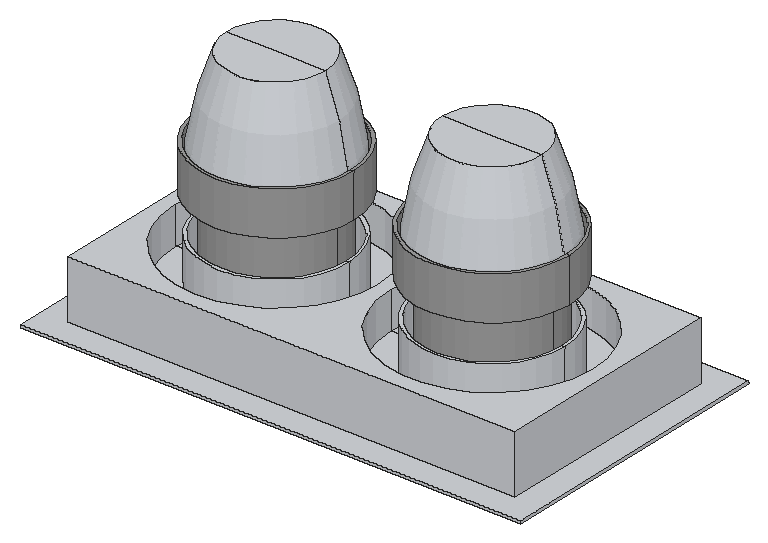
Revit family "Square Double Trim", category Lighting Fixtures, host Ceiling, Revit 2015
Parameters (values of type "Square Double Trim/Wide/2x8.4W/2x700mA/827/Insert White Trim White")
  Weight = 730  # constant formula
  built-in parameter 1150103 = 16.4 W
  Wattage = "2 x 8.4W"  # constant formula
  WarrantyStartDate [instance] = "www.johncullenlighting.co.uk/terms_and_conditions/"  # constant formula
  WarrantyGuarantorParts = "www.johncullenlighting.co.uk/terms_and_conditions/"  # constant formula
  WarrantyGuarantorLabor = "www.johncullenlighting.co.uk/terms_and_conditions/"  # constant formula
  WarrantyDurationUnit = "www.johncullenlighting.co.uk/terms_and_conditions/"  # constant formula
  WarrantyDurationParts = "www.johncullenlighting.co.uk/terms_and_conditions/"  # constant formula
  WarrantyDurationLabor = "www.johncullenlighting.co.uk/terms_and_conditions/"  # constant formula
  WarrantyDescription = "Refer to John Cullen Lighting Ltd - Terms and Conditions document"  # constant formula
  built-in parameter 1150110 = 1 (stored number, unit not read)
  Version = "1"
  Uniclass2 = "Pr_70_70_48_71 Recessed luminaires"  # constant formula
  URL = "http://www.johncullenlighting.co.uk/products/downlights/square-double-led-downlight/?product_search=square%20double"
  Type Comments = "Copyright © John Cullen 2017. John Cullen reserve the right to change the design and specification of our product range without prior notice. E&OE"  # constant formula
  built-in parameter 1114217 = 1 (stored number, unit not read)
  Tilt Angle = 90.00°
  built-in parameter 1150109 = 1 (stored number, unit not read)
  built-in parameter 1150134 = (empty or 0)
  TagNumber [instance] = "n/a"
  SustainabilityPerformance = "n/a"
  built-in parameter 1150113 = 1 (stored number, unit not read)
  SupplyCircuitConductorConnections = "n/a"
  Size = "155x80"  # constant formula
  Shape = "Round"
  SerialNumber [instance] = "n/a"
  Revision = "n/a"
  ReplacementCost = "n/a"
  ProductInformation = "http://www.johncullenlighting.co.uk/products/downlights/square-double-led-downlight/?product_search=square%20double"
  ProductClass = "Class III"  # constant formula
  PhotometricPerformance = "n/a"
  Photometric Web File = "Square Double Trim-Wide-927-700.IES"
  NominalWidth = 85 mm  # constant formula
  NominalLength = 155 mm  # constant formula
  NominalHeight = 80 mm  # constant formula
  Name = "Square Double Trim"  # constant formula
  NBSTypeID = "n/a"
  NBSReference = "n/a"
  NBSOfficeMasterTag = "n/a"
  NBSNote = "n/a"
  NBSDescription = "General purpose luminaires are described by characteristics such as standards, photometric performance and supply circuit conductor connections.\r\nAn example use may be within a hard wired general lighting system."  # constant formula
  NBSCertification = "n/a"
  ModelReference = "n/a"
  ModelNumber = "DLDBMI012+DLDBTR012"
  Model = "Square Double Trim"  # constant formula
  MaxAmbientTemperature = 35.00°
  Material = "Aluminium"
  ManufacturerURL = "www.johncullenlighting.co.uk"
  ManufacturerName = "John Cullen Lighting Ltd"  # constant formula
  Manufacturer = "John Cullen Lighting Ltd"  # constant formula
  built-in parameter 1150105 = 3040 (stored number, unit not read)
  Lumens = 1092.24 lm
  LuminaireType = "n/a"
  LuminairePowerFactor = "n/a"
  LuminaireLumens = "951 lm"
  built-in parameter 1150115 = 1 (stored number, unit not read)
  built-in parameter 1150137 = (empty or 0)
  built-in parameter 1150139 = (empty or 0)
  LampType = "LED"  # constant formula
  LampRating = "n/a"
  LampLumens = "2 x 582 lm"
  LampColourTemperature = "2700K"  # constant formula
  LampColourRendering = "93 Ra"  # constant formula
  built-in parameter 1150112 = 1 (stored number, unit not read)
  built-in parameter 1150114 = 1 (stored number, unit not read)
  Lamp = "LED"  # constant formula
  Keynote = "Technical data figures are for guidance only and are subject to ±5% tolerance"  # constant formula
  InternalFuse = "n/a"
  InsulationStandardClass = "Class III"  # constant formula
  InstallationDate [instance] = "Confirm via installer"  # constant formula
  built-in parameter 1150132 = (empty or 0)
  built-in parameter 1150102 = (empty or 0)
  built-in parameter 1150107 = 2700 (stored number, unit not read)
  built-in parameter 1150138 = (empty or 0)
  IngressProtection = "IP20"  # constant formula
  built-in parameter 1150106 = 30.4 (stored number, unit not read)
  IfcExportType = "n/a"
  IfcExportAs = "n/a"
  Grade = "n/a"
  ForwardVoltage = "12V DC"  # constant formula
  Finish = "Square Magnetic Insert White and Square Double Trim White"
  Features = "n/a"
  ExpectedLife = "Lifetime L70/B10 >50,000 hrs"  # constant formula
  built-in parameter 1150104 = 6.1873 (stored number, unit not read)
  Efficacy = "66.6 lm/W"
  DurationUnit = "year"
  Dimming Lamp Color Temperature Shift = <None>
  Description = "Twin architectural directional downlight"  # constant formula
  CurrentRating = "700mA"  # constant formula
  Cost = 0
  ControlGearPosition = "Remote"  # constant formula
  Constituents = "n/a"
  Color Filter = 16777215
  Color = "Square Magnetic Insert White and Square Double Trim White"
  CodePerformance = "DLDBMI012+DLDBTR012"
  Category = "n/a"
  CableType = "2 x 2 Core Silicon"  # constant formula
  CableSize = "2 x 6.4mm OD - 2 off 24/0.2 Tinned Copper Wire"  # constant formula
  CableLength = 185 mm  # constant formula
  Beam Width = "Wide"
  BarCode [instance] = "n/a"
  BallastCELMAEnergyEfficiencyIndex = "See driver specification"  # constant formula
  built-in parameter 1114218 = 1 (stored number, unit not read)
  BIMObjectName = "Square Double Trim"  # constant formula
  Author = "John Cullen Lighting Ltd"  # constant formula
  built-in parameter 1150133 = 10 (stored number, unit not read)
  AssetType = "n/"
  AssetIdentifier [instance] = "n/a"
  Assembly Code = "n/a"
  AccessibilityPerformance = "n/a"
Types (12, lengths in mm): name | Photometric Web File | ModelNumber | built-in parameter 1150105 | Lumens | LuminaireLumens | LampLumens | built-in parameter 1150106 | Finish | built-in parameter 1150104 | Efficacy | Color | CodePerformance | Beam Width
  Square Double Trim/Medium/2x8.4W/2x700mA/827/Insert White Trim White | "Square Double Trim-Medium-927-700.IES" | "DLDBMI012+DLDBTR012" | 3969.7 (stored number, unit not read) | 903.64 lm | "925 lm" | "2 x 624 lm" | 39.697 (stored number, unit not read) | "Square Magnetic Insert White and Square Double Trim White" | 5.119 (stored number, unit not read) | "55.1 lm/W" | "Square Magnetic Insert White and Square Double Trim White" | "DLDBMI012+DLDBTR012" | "Medium"
  Square Double Trim/Medium/2x8.4W/2x700mA/827/Insert Black Trim White | "Square Double Trim-Medium-927-700.IES" | "DLDBMI022+DLDBTR012" | 3969.7 (stored number, unit not read) | 903.64 lm | "925 lm" | "2 x 624 lm" | 39.697 (stored number, unit not read) | "Square Magnetic Insert Black and Square Double Trim White" | 5.119 (stored number, unit not read) | "55.1 lm/W" | "Square Magnetic Insert Black and Square Double Trim White" | "DLDBMI022+DLDBTR012" | "Medium"
  Square Double Trim/Medium/2x8.4W/2x700mA/827/Insert White Trim Black | "Square Double Trim-Medium-927-700.IES" | "DLDBMI012+DLDBTR022" | 3969.7 (stored number, unit not read) | 903.64 lm | "925 lm" | "2 x 624 lm" | 39.697 (stored number, unit not read) | "Square Magnetic Insert White and Square Double Trim Black" | 5.119 (stored number, unit not read) | "55.1 lm/W" | "Square Magnetic Insert White and Square Double Trim Black" | "DLDBMI012+DLDBTR022" | "Medium"
  Square Double Trim/Medium/2x8.4W/2x700mA/827/Insert Black Trim Black | "Square Double Trim-Medium-927-700.IES" | "DLDBMI022+DLDBTR022" | 3969.7 (stored number, unit not read) | 903.64 lm | "925 lm" | "2 x 624 lm" | 39.697 (stored number, unit not read) | "Square Magnetic Insert Black and Square Double Trim Black" | 5.119 (stored number, unit not read) | "55.1 lm/W" | "Square Magnetic Insert Black and Square Double Trim Black" | "DLDBMI022+DLDBTR022" | "Medium"
  Square Double Trim/Narrow/2x8.4W/2x700mA/827/Insert White Trim Black | "Square Double Trim-Narrow-927-700.IES" | "DLDBMI012+DLDBTR022" | 29831.2 (stored number, unit not read) | 1095.52 lm | "1022 lm" | "2 x 590 lm" | 298.31 (stored number, unit not read) | "Square Magnetic Insert White and Square Double Trim Black" | 6.2059 (stored number, unit not read) | "66.8 lm/W" | "Square Magnetic Insert White and Square Double Trim Black" | "DLDBMI012+DLDBTR022" | "Narrow"
  Square Double Trim/Narrow/2x8.4W/2x700mA/827/Insert Black Trim Black | "Square Double Trim-Narrow-927-700.IES" | "DLDBMI022+DLDBTR022" | 29831.2 (stored number, unit not read) | 1095.52 lm | "1022 lm" | "2 x 590 lm" | 298.31 (stored number, unit not read) | "Square Magnetic Insert Black and Square Double Trim Black" | 6.2059 (stored number, unit not read) | "66.8 lm/W" | "Square Magnetic Insert Black and Square Double Trim Black" | "DLDBMI022+DLDBTR022" | "Narrow"
  Square Double Trim/Narrow/2x8.4W/2x700mA/827/Insert White Trim White | 0 | "DLDBMI012+DLDBTR012" | 87.179 (stored number, unit not read) | 1095.52 lm | "1022 lm" | "2 x 590 lm" | 0.87179 (stored number, unit not read) | "Square Magnetic Insert White and Square Double Trim White" | 6.2059 (stored number, unit not read) | "66.8 lm/W" | "Square Magnetic Insert White and Square Double Trim White" | "DLDBMI012+DLDBTR012" | "Narrow"
  Square Double Trim/Narrow/2x8.4W/2x700mA/827/Insert Black Trim White | "Square Double Trim-Narrow-927-700.IES" | "DLDBMI012+DLDBTR022" | 29831.2 (stored number, unit not read) | 1095.52 lm | "1022 lm" | "2 x 590 lm" | 298.31 (stored number, unit not read) | "Square Magnetic Insert White and Square Double Trim Black" | 6.2059 (stored number, unit not read) | "66.8 lm/W" | "Square Magnetic Insert White and Square Double Trim Black" | "DLDBMI012+DLDBTR022" | "Narrow"
  Square Double Trim/Wide/2x8.4W/2x700mA/827/Insert White Trim White | "Square Double Trim-Wide-927-700.IES" | "DLDBMI012+DLDBTR012" | 3040 (stored number, unit not read) | 1092.24 lm | "951 lm" | "2 x 582 lm" | 30.4 (stored number, unit not read) | "Square Magnetic Insert White and Square Double Trim White" | 6.1873 (stored number, unit not read) | "66.6 lm/W" | "Square Magnetic Insert White and Square Double Trim White" | "DLDBMI012+DLDBTR012" | "Wide"
  Square Double Trim/Wide/2x8.4W/2x700mA/827/Insert Black Trim White | "Square Double Trim-Wide-927-700.IES" | "DLDBMI022+DLDBTR012" | 3040 (stored number, unit not read) | 1092.24 lm | "951 lm" | "2 x 582 lm" | 30.4 (stored number, unit not read) | "Square Magnetic Insert Black and Square Double Trim White" | 6.1873 (stored number, unit not read) | "66.6 lm/W" | "Square Magnetic Insert Black and Square Double Trim White" | "DLDBMI022+DLDBTR012" | "Wide"
  Square Double Trim/Wide/2x8.4W/2x700mA/827/Insert Black Trim Black | "Square Double Trim-Wide-927-700.IES" | "DLDBMI022+DLDBTR022" | 3040 (stored number, unit not read) | 1092.24 lm | "951 lm" | "2 x 582 lm" | 30.4 (stored number, unit not read) | "Square Magnetic Insert Black and Square Double Trim Black" | 6.1873 (stored number, unit not read) | "66.6 lm/W" | "Square Magnetic Insert Black and Square Double Trim Black" | "DLDBMI022+DLDBTR022" | "Wide"
  Square Double Trim/Wide/2x8.4W/2x700mA/827/Insert White Trim Black | "Square Double Trim-Wide-927-700.IES" | "DLDBMI012+DLDBTR022" | 3040 (stored number, unit not read) | 1092.24 lm | "951 lm" | "2 x 582 lm" | 30.4 (stored number, unit not read) | "Square Magnetic Insert White and Square Double Trim Black" | 6.1873 (stored number, unit not read) | "66.6 lm/W" | "Square Magnetic Insert White and Square Double Trim Black" | "DLDBMI012+DLDBTR022" | "Wide"
Reference planes
  plane 1 "Center (Front/Back)": y = 0
  plane 2: z = 0
  plane 3 "Center (Left/Right)": x = 0
  plane 4 "Ceiling": z = 4000
  plane 5 "Mid Plane": x = 36.85
Forms (mm)
  Revolve 1, solid, material "Default"
    sketch origin (0, 0, 7.5) x (1, 0, 0) y (0, 0, 1)
      loop
        line (25.5, 4044.5) -> (25.5, 4030.5) -> (19, 4030.5) -> (19, 4000) -> (21, 4000) -> (21, 4029.5) -> (26.5, 4029.5) -> (26.5, 4044.5) -> (25.5, 4044.5)
      axis (0, 4044.5) -> (0, 4000)
    angle from 0 to 360
  Revolve 2, solid
    sketch origin (0, 0, -19.133) x (1, 0, 0) y (0, 0, 1)
      loop
        line (0, 4056.272) -> (25, 4056.272)
        arc (25, 4056.272) -> (23.298, 4077.833) -> (17, 4098.522) r 100
        line (17, 4098.522) -> (0, 4098.522) -> (0, 4056.272)
      axis (0, 4098.522) -> (0, 4056.272)
    angle from 0 to 360
  Extrusion 3, void
    sketch origin (0, 0, 4000) x (0, 1, 0) y (-1, 0, 0)
      loop
        line (39.65, -113.3) -> (39.65, 39.7) -> (-39.7, 39.7) -> (-39.7, -113.3) -> (39.65, -113.3)
    from 0 to 120
  Revolve 4, solid
    sketch origin (0, 0, 7.5) x (1, 0, 0) y (0, 0, 1)
      loop
        line (34.5, 4000) -> (25, 4000) -> (25, 4016) -> (24, 4016) -> (24, 4000) -> (19, 4000) -> (19, 3998.5) -> (34.5, 3998.5) -> (34.5, 4000)
      axis (0, 3998.5) -> (0, 4016)
    angle from 0 to 360
  Extrusion 5, solid
    sketch origin (0, 0, 4000) x (0, 1, 0) y (-1, 0, 0)
      loop
        line (-39.7, 39.65) -> (-39.7, -113.35) -> (39.65, -113.35) -> (39.65, 39.65) -> (-39.7, 39.65)
      loop
        circle (0, 0) r 34.7
      loop
        circle (0, -73.7) r 34.7
    from 0 to 20
  Revolve 6, solid, material "Default"
    sketch origin (73.7, 0, 7.5) x (-1, 0, 0) y (0, 0, -1)
      loop
        line (25.5, -4044.5) -> (26.5, -4044.5) -> (26.5, -4029.5) -> (21, -4029.5) -> (21, -4000) -> (19, -4000) -> (19, -4030.5) -> (25.5, -4030.5) -> (25.5, -4044.5)
      axis (0, -4044.5) -> (0, -4000)
    angle from 0 to 360
  Revolve 7, solid
    sketch origin (73.7, 0, -19.133) x (-1, 0, 0) y (0, 0, -1)
      loop
        line (0, -4056.272) -> (0, -4098.522) -> (17, -4098.522)
        arc (17, -4098.522) -> (23.298, -4077.833) -> (25, -4056.272) r 100
        line (25, -4056.272) -> (0, -4056.272)
      axis (0, -4098.522) -> (0, -4056.272)
    angle from 0 to 360
  Revolve 8, solid
    sketch origin (73.7, 0, 7.5) x (-1, 0, 0) y (0, 0, 1)
      loop
        line (34.5, 4000) -> (25, 4000) -> (25, 4016) -> (24, 4016) -> (24, 4000) -> (19, 4000) -> (19, 3998.5) -> (34.5, 3998.5) -> (34.5, 4000)
      axis (0, 3998.5) -> (0, 4016)
    angle from 0 to 360
  Extrusion 9, void
    sketch origin (36.85, 0, 0) x (0, 1, 0) y (0, 0, 1)
      loop
        line (38.7, 4000) -> (38.7, 4006) -> (-38.7, 4006) -> (-38.7, 4000) -> (38.7, 4000)
    from -75.5 to 75.5
  Sweep 10, solid
    path in 3D
      loop
        line (-38.65, 38.7, 4000) -> (-38.65, -38.7, 4000) -> (112.35, -38.7, 4000) -> (112.35, 38.7, 4000) -> (-38.65, 38.7, 4000)
    profile origin (36.85, 38.7, 4000) x (0, 1, 0) y (0, 0, -1)
      loop
        line (0, 0) -> (10, 0) -> (10, 1) -> (0, 1) -> (0, 0)
Cuts and joins
  Extrusion 9 cuts Extrusion 5
Lines and regions (mm)
  sketch lines
    curve 1: line (112.35, 38.7, 4000) -> (-38.65, 38.7, 4000)
    curve 2: line (112.35, -38.7, 4000) -> (112.35, 38.7, 4000)
    curve 3: line (-38.65, 38.7, 4000) -> (-38.65, -38.7, 4000)
    curve 4: line (-38.65, -38.7, 4000) -> (112.35, -38.7, 4000)
Dimensions and locks
  equal spacing: host sketch curve, plane 3 "Center (Left/Right)", host sketch curve
  equal spacing: host sketch curve, plane 1 "Center (Front/Back)", host sketch curve
  host sketch curve to host sketch curve = 4000 mm  (x2)
  plane 4 "Ceiling" to host ceiling = 0 mm
